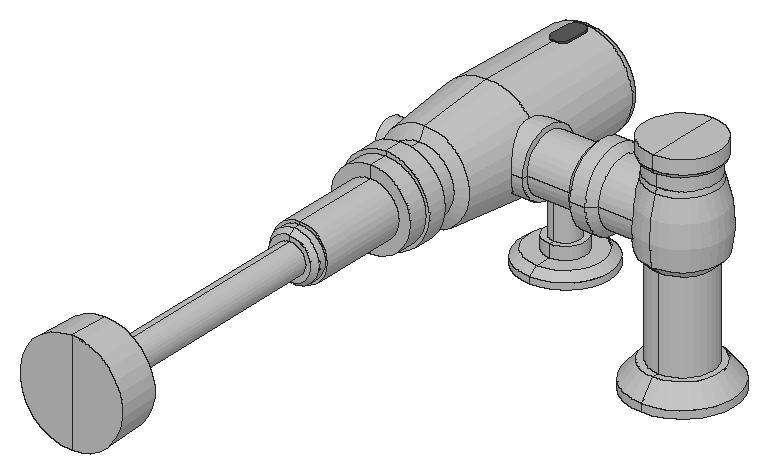
Revit family "Plumbing-Fix_Flush-Valve-Touchless_Stern_Jupiter", category Plumbing Fixtures, host Face, Revit 2026
Family settings
  Host = Face
  Round Connector Dimension = Use Diameter
  Part Type = Normal
  Classification Number = 23.45.05.14
  Enable Cutting in Views = No
  Cut with Voids When Loaded = No
  Maintain Annotation Orientation = No
  Shared = No
  Room Calculation Point = No
Parameters (values of type "Battery Pack")
  Waste Connection = no
  Warranty Duration (Years) = 2
  WFU = 0
  Vent Connection = no
  Unit Width = 0' - 7 1/2"
  Unit Height = 1' - 3 3/4"
  URL = "http://www.sternfaucets.com/"
  Type Comments = "as Specified"
  Standards Conformance = "as Specified"
  Specification = ""
  SpecWizard = ""
  Sales Information = "http://www.sternfaucets.com/contact-us/contact-us-int-l.html"
  Revision = "R1_2018-04"
  Product Properties = ""
  Product Features = "24 Hr Auto Flush"
  Product Data = "http://www.arcat.com/arcatcos/cos50/arc50092.html"
  Power Supply = "9V Battery"
  Piping_Outlet Diameter [instance] = 1/2"
  Piping_Inlet Diameter = 1"
  Piping_Flow = 0 GPM
  Operating Temperature Range = "as Specified"
  Operating Pressure Range = "7.26 - 116 PSI  ;  0.5 - 8 bar"
  Model = "Jupiter M 0.5 GPF"
  Manufacturer Website = "http://www.sternfaucets.com/"
  Manufacturer Phone - Toll Free = "800-436-4410"
  Manufacturer Phone = ""
  Manufacturer Fax = ""
  Manufacturer Address = "777 Passaic Ave.  Clifton, NJ 07012"
  Manufacturer = "Stern Engineering"
  Maintenance Schedule (Months) = 0
  Keynote = ""
  Installation Phase = ""
  HWFU = 0
  HW Connection = no
  Green Building-LEED = ""
  GPF = 0.5
  Fixture Finish [instance] = Finish - Stern - Chrome
  Expected Lifespan (Years) = 0
  Drawn By = "Sumex Design, Inc. / Robert S. Weygant, CSI, CDT, SCIP"
  Distance from Mounting Surface [instance] = 0' - 3 3/4"
  Description = "Stern Touchless Flush Valve - Jupiter M 0.5 GPF as Specified"
  Default Elevation = 0' - 0"
  Cost = 0
  Copyright = "©Arcat Inc."
  Construction Details = ""
  CWFU = 1
  CW Connection = yes
  Body Construction = "Brass"
  Available Options = "as Specified"
  Assembly Code = "D2010300"
  Accent Color [instance] = Finish - Stern - Black
Types (2): name | Model | Description
  Battery Pack | "Jupiter M 0.5 GPF" | "Stern Touchless Flush Valve - Jupiter M 0.5 GPF as Specified"
  Transformer | "Jupiter ME 0.5 GPF" | "Stern Touchless Flush Valve - Jupiter ME 0.5 GPF as Specified"
Reference planes (in)
  plane 1 "Center (Front/Back)": y = 0
  plane 2: z = 0
  plane 3 "Center (Left/Right)": x = 0
  plane 4: z = 3.75
  plane 5: x = -4.75
Forms (in)
  Revolve 1, solid, material "Finish - Stern - Chrome" <- "Fixture Finish"
    sketch origin (-4.75, 6.36615, 48) x (0, 1, 0) y (0, 0, 1)
      loop
        line (-18.99434, -44.25) -> (-3.24434, -44.25) -> (-3.24434, -43.25)
        arc (-3.24434, -43.25) -> (-3.30205, -43.11069) -> (-3.44136, -43.05298) r 0.19702
        line (-3.44136, -43.05298) -> (-6.36615, -42.95084) -> (-8.25424, -43.14929) -> (-8.41452, -43.42691) -> (-8.84011, -43.42691) -> (-8.97937, -43.18572) -> (-9.44536, -43.18572) -> (-9.44536, -43.28457) -> (-9.89724, -43.28457) -> (-9.89724, -43.57978) -> (-12.04603, -43.57978) -> (-12.04603, -43.64374) -> (-12.21617, -43.64374) -> (-12.35651, -43.742) -> (-12.35651, -43.875) -> (-17.73212, -43.875) -> (-17.73212, -43.49637) -> (-17.98212, -43.49637) -> (-17.98212, -43.03535) -> (-18.99434, -43) -> (-18.99434, -44.25)
      axis (-18.99434, -44.25) -> (-3.24434, -44.25)
    angle from 0 to 360
  Revolve 2, solid, material "Finish - Stern - Chrome" <- "Fixture Finish"
    sketch origin (-4.75, 6.36615, 48) x (0, 1, 0) y (0, 0, 1)
      loop
        line (-3.98912, -48) -> (-2.91886, -48) -> (-2.91886, -47.84467) -> (-3.11037, -47.68397) -> (-3.51195, -47.68397) -> (-3.51195, -47.39279) -> (-3.65316, -47.39279) -> (-3.65316, -44.25) -> (-3.98912, -44.25) -> (-3.98912, -48)
      axis (-3.98912, -48) -> (-3.98912, -44.25)
    angle from 0 to 360
  Revolve 3, solid, material "Finish - Stern - Chrome" <- "Fixture Finish"
    sketch origin (0, 0, 0) x (0, 1, 0) y (0, 0, 1)
      loop
        line (0, 0) -> (1.25, 0) -> (1.25, 0.18675) -> (0.89413, 0.61086) -> (0.73252, 0.61086) -> (0.73252, 2.81104) -> (0.92499, 3.00351)
        arc (0.92499, 3.00351) -> (0.99291, 3.79453) -> (0.81556, 4.56841) r 2.56366
        line (0.81556, 4.56841) -> (0.79234, 4.70006) -> (0.79234, 5.04851) -> (0.86791, 5.04851) -> (0.90919, 5.11999) -> (0.90919, 5.45663) -> (0, 5.45663) -> (0, 0)
      axis (0, 5.45663) -> (0, 0)
    angle from 0 to 360
  Revolve 4, solid, material "Finish - Stern - Chrome" <- "Fixture Finish"
    sketch origin (0, 5.3407, 3.75) x (1, 0, 0) y (0, 1, 0)
      loop
        line (-4.75, -4.53857) -> (-4.75, -5.3407) -> (0, -5.3407) -> (0, -4.55851) -> (-1.43393, -4.55851) -> (-1.6107, -4.38174) -> (-1.97071, -4.38174) -> (-2.09629, -4.50732) -> (-2.09629, -4.65802) -> (-3.25, -4.65802) -> (-3.25, -4.53857) -> (-4.75, -4.53857)
      axis (-4.75, -5.3407) -> (0, -5.3407)
    angle from 0 to 360
  Revolve 5, solid, material "Finish - Stern - Chrome" <- "Fixture Finish"
    sketch origin (0, 5.3407, 3.75) x (1, 0, 0) y (0, 1, 0)
      loop
        line (-6.33396, -6.51227) -> (-5.44308, -6.51227) -> (-5.44308, -6.03903) -> (-6.17422, -6.03903) -> (-6.17422, -6.26344) -> (-6.23566, -6.26344)
        arc (-6.23566, -6.26344) -> (-6.30517, -6.29223) -> (-6.33396, -6.36174) r 0.0983
        line (-6.33396, -6.36174) -> (-6.33396, -6.51227)
      axis (-6.33396, -6.51227) -> (-5.44308, -6.51227)
    angle from 0 to 360
  Extrusion 6, solid, material "Finish - Stern - Black" <- "Accent Color"
    sketch origin (-0.01953, 5.28601, 3.75) x (1, 0, 0) y (0, -1, 0)
      loop
        line (-4.94588, 3.05187) -> (-4.94588, 2.59211)
        arc (-4.94588, 2.59211) -> (-4.73047, 2.3767) -> (-4.51507, 2.59211) r 0.21541
        line (-4.51507, 2.59211) -> (-4.51507, 3.05187)
        arc (-4.51507, 3.05187) -> (-4.73047, 3.26728) -> (-4.94588, 3.05187) r 0.21541
    from -1.2804 to -0.88297
  Extrusion 7, void
    sketch origin (0, 0, 0) x (0, 1, 0) y (0, 0, 1)
      loop
        line (1.99537, 4.98584) -> (2.91831, 4.95361) -> (2.91831, 5.05075) -> (1.99537, 5.05075) -> (1.99537, 4.98584)
    from -5.14331 to -4.4597
Cuts and joins
  Extrusion 7 cuts Extrusion 6
Dimensions and locks (in)
  "Distance from Mounting Surface": plane 4 to host face
  Revolve 2 sketch curve to Revolve 2 sketch curve to Revolve 2 sketch curve to host face = 0' - 0.29118" locked, 0' - 0.1607" locked, 0' - 0.15533" locked
  Revolve 3 sketch curve to Revolve 3 sketch curve to host face to Revolve 3 sketch curve = 0' - 0.42411" locked, 0' - 0.18675" locked, 0' - 0" locked
  locked: plane 5 to plane 3 "Center (Left/Right)" at 4.75
  aligned and locked: plane 2 to host face
  aligned and locked: level to host face
  aligned and locked: Revolve 2 sketch curve to plane 4
Automatic sketch dimensions
  host sketch curve to host sketch curve = 8' - 0"  (x2)
  Revolve 2 sketch curve to level = 0' - 0"  (x2)
  Revolve 2 sketch curve to plane 1 "Center (Front/Back)" = 0' - 2.37704"
  Revolve 2 sketch curve to Revolve 2 sketch curve = 0' - 0 43/128"
  Revolve 2 sketch curve to Revolve 2 sketch curve = 0' - 0.14121"
  Revolve 2 sketch curve to Revolve 2 sketch curve = 0' - 0.40158"
  Revolve 2 sketch curve to Revolve 2 sketch curve = 0' - 0.19151"
  Revolve 2 sketch curve to Revolve 2 sketch curve = 0' - 0"
  Revolve 2 sketch curve to Revolve 2 sketch curve = 0' - 0.63967"
  plane 1 "Center (Front/Back)" to Revolve 4 sketch curve = 0' - 0"  (x2)
  Revolve 4 sketch curve to plane 5 = 0' - 0"
  Revolve 4 sketch curve to plane 3 "Center (Left/Right)" = 0' - 0"
  Revolve 4 sketch curve to plane 1 "Center (Front/Back)" = 0' - 0.68268"
  plane 5 to Revolve 4 sketch curve = 0' - 1 1/2"
  Revolve 4 sketch curve to plane 1 "Center (Front/Back)" = 0' - 0.83338"
  Revolve 4 sketch curve to Revolve 4 sketch curve = 0' - 1.15371"
  Revolve 4 sketch curve to plane 1 "Center (Front/Back)" = 0' - 0.95896"
  Revolve 4 sketch curve to Revolve 4 sketch curve = 0' - 0.12558"
  Revolve 4 sketch curve to Revolve 4 sketch curve = 0' - 0.36"
  Revolve 4 sketch curve to Revolve 4 sketch curve = 0' - 0.17678"  (x2)
  Revolve 4 sketch curve to Revolve 4 sketch curve = 0' - 0.11945"
  Revolve 4 sketch curve to plane 5 = 0' - 0.18572"
  Revolve 4 sketch curve to Revolve 4 sketch curve = 0' - 3.06428"
  Revolve 3 sketch curve to plane 1 "Center (Front/Back)" = 0' - 0"  (x2)
  plane 4 to Revolve 3 sketch curve = 0' - 0.1343"
  plane 1 "Center (Front/Back)" to Revolve 3 sketch curve = 0' - 1.56451"
  Revolve 3 sketch curve to plane 1 "Center (Front/Back)" = 0' - 0.73252"
  Revolve 3 sketch curve to Revolve 3 sketch curve = 0' - 0.02321"
  Revolve 3 sketch curve to Revolve 3 sketch curve = 0' - 0.07557"
  Revolve 3 sketch curve to Revolve 3 sketch curve = 0' - 0.16161"
  Revolve 3 sketch curve to Revolve 3 sketch curve = 0' - 0.04127"
  plane 4 to Revolve 3 sketch curve = 0' - 0.74649"
  Revolve 3 sketch curve to Revolve 3 sketch curve = 0' - 0.19247"  (x2)
  Revolve 3 sketch curve to Revolve 3 sketch curve = 0' - 0.35587"
  Revolve 3 sketch curve to Revolve 3 sketch curve = 0' - 0.13165"
  Revolve 3 sketch curve to Revolve 3 sketch curve = 0' - 0.34845"
  Revolve 3 sketch curve to Revolve 3 sketch curve = 0' - 0.07148"
  Revolve 3 sketch curve to level = 0' - 3"
  Revolve 3 sketch curve to Revolve 3 sketch curve = 0' - 1.54337"
  Revolve 3 sketch curve to plane 1 "Center (Front/Back)" = 0' - 0.79234"
  Revolve 3 sketch curve to Revolve 3 sketch curve = 0' - 0.33664"
  Revolve 5 sketch curve to plane 5 = 0' - 1.58396"
  Revolve 5 sketch curve to Revolve 5 sketch curve = 0' - 0.0983"
  Revolve 5 sketch curve to Revolve 5 sketch curve = 0' - 0.06144"
  Revolve 5 sketch curve to plane 5 = 0' - 0.69308"
  plane 1 "Center (Front/Back)" to Revolve 5 sketch curve = 0' - 1.17158"
  Revolve 5 sketch curve to Revolve 5 sketch curve = 0' - 0.15053"
  Revolve 5 sketch curve to Revolve 5 sketch curve = 0' - 0.47325"
  Revolve 5 sketch curve to Revolve 5 sketch curve = 0' - 0.72167"
  plane 5 to Revolve 5 sketch curve = 0' - 0.44437"
  Revolve 5 sketch curve to Revolve 5 sketch curve = 0' - 0"
  Extrusion 6 sketch curve to plane 5 = 0' - 0.21541"
  plane 5 to Extrusion 6 sketch curve = 0' - 0"
  Extrusion 6 sketch curve to plane 1 "Center (Front/Back)" = 0' - 2.23414"
  Extrusion 6 sketch curve to Extrusion 6 sketch curve = 0' - 0.45976"
  plane 4 to Revolve 1 sketch curve = 0' - 0"  (x2)
  Revolve 1 sketch curve to plane 1 "Center (Front/Back)" = 0' - 0"
  plane 1 "Center (Front/Back)" to Revolve 1 sketch curve = 0' - 1.88808"
  Revolve 1 sketch curve to Revolve 1 sketch curve = 0' - 0.16028"
  Revolve 1 sketch curve to Revolve 1 sketch curve = 0' - 0.42559"
  Revolve 1 sketch curve to Revolve 1 sketch curve = 0' - 0.13925"
  Revolve 1 sketch curve to Revolve 1 sketch curve = 0' - 0.466"
  Revolve 1 sketch curve to Revolve 1 sketch curve = 0' - 0.45188"
  Revolve 1 sketch curve to plane 4 = 0' - 0.60626"
  Revolve 1 sketch curve to Revolve 1 sketch curve = 0' - 0.17014"
  Revolve 1 sketch curve to plane 4 = 0' - 0.75363"
  Revolve 1 sketch curve to Revolve 1 sketch curve = 0' - 5.51595"
  Revolve 1 sketch curve to Revolve 1 sketch curve = 0' - 0 1/4"
  Revolve 1 sketch curve to plane 4 = 0' - 1 1/4"
  Revolve 1 sketch curve to Revolve 1 sketch curve = 0' - 1.01222"
  Revolve 1 sketch curve to plane 1 "Center (Front/Back)" = 0' - 2.92479"
  Revolve 1 sketch curve to Revolve 1 sketch curve = 0' - 0.19702"
  Revolve 1 sketch curve to plane 4 = 0' - 0.82309"
  Revolve 1 sketch curve to Revolve 1 sketch curve = 0' - 0.29522"
  Revolve 1 sketch curve to Revolve 1 sketch curve = 0' - 1"
  Revolve 1 sketch curve to Revolve 1 sketch curve = 0' - 0.09885"
  Revolve 1 sketch curve to Revolve 1 sketch curve = 0' - 0.27762"
  Revolve 1 sketch curve to Revolve 1 sketch curve = 0' - 0.46102"
  Revolve 1 sketch curve to plane 4 = 0' - 1.29916"
  Revolve 1 sketch curve to Revolve 1 sketch curve = 0' - 0.14034"
  Revolve 1 sketch curve to plane 4 = 0' - 0.508"
  Revolve 1 sketch curve to Revolve 1 sketch curve = 0' - 1.87181"
  Revolve 1 sketch curve to Revolve 1 sketch curve = 0' - 0"
  Revolve 1 sketch curve to Revolve 1 sketch curve = 0' - 0.133"
  Revolve 1 sketch curve to plane 4 = 0' - 0.67022"
  Revolve 1 sketch curve to Revolve 1 sketch curve = 0' - 2.14879"
  Extrusion 7 sketch curve to plane 4 = 0' - 1.30075"
  Extrusion 7 sketch curve to plane 1 "Center (Front/Back)" = 0' - 2.91831"
  Extrusion 7 sketch curve to Extrusion 7 sketch curve = 0' - 0.09715"
  Extrusion 7 sketch curve to Extrusion 7 sketch curve = 0' - 0.92294"
  Extrusion 7 sketch curve to Extrusion 7 sketch curve = 0' - 0.06492"
Connectors (in)
  piping at (-4.75, -12.62819, 3.75), diameter 0.5, driven by "Piping_Flow", driven by "Piping_Outlet Diameter"
    settings: on Revolve 1, index 1, connector inside diameter 24", connector length 0' - 0", flow factor 0, pipe flow 0 GPM, pressure drop 0.00 psi, fitting loss kfactor 0, connector angle 0.00°, fixture units 0, engagement length 0' - 0", angle of deflection 0.00°, flow configuration 0, flow direction 2, fitting loss method 0, system type 29, joint type 0, gender type 0, connector reference index -1, connector utility 0, adjustable connector no, is connector primary no, connector description "CW Outlet"
  piping at (0, 0, 0), diameter 1, driven by "Piping_Flow", driven by "Piping_Inlet Diameter"
    settings: on Revolve 3, index 2, connector inside diameter 24", connector length 0' - 0", flow factor 0, pipe flow 0 GPM, pressure drop 0.00 psi, fitting loss kfactor 0, connector angle 0.00°, fixture units 0, engagement length 0' - 0", angle of deflection 0.00°, flow configuration 0, flow direction 1, fitting loss method 0, system type 20, joint type 0, gender type 0, connector reference index -1, connector utility 0, adjustable connector no, is connector primary yes, connector description "CW Inlet"
  electrical at (-4.75, 2.37704, 0)
    settings: on Revolve 2, index 3, voltage 0 V, apparent load 0 VA, apparent load phase1 0 VA, apparent load phase2 0 VA, apparent load phase3 0 VA, power factor 1, load classification "Other", number of poles 1, system type 13, power factor state 1, is connector primary yes, connector utility no, sub classification motor no, connector description ""
